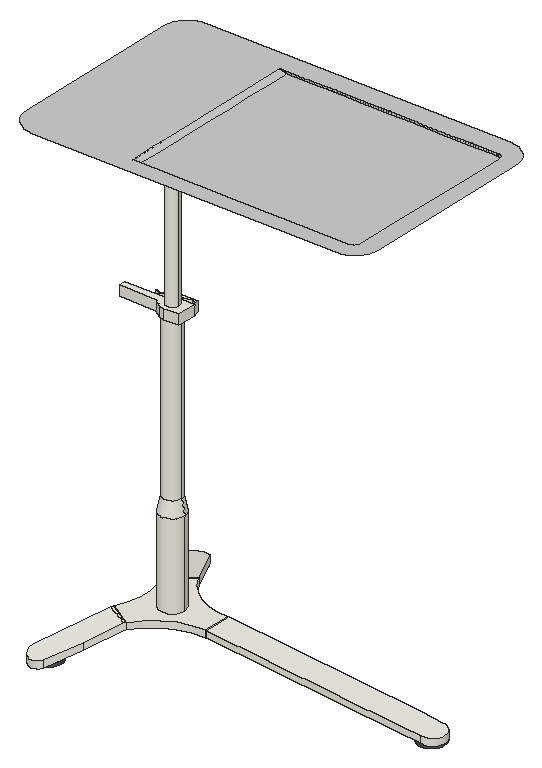
Revit family "Haworth_SpaceEnabler_Maria_Table_AP_PRELIMINARY", category Furniture, Revit 2018
Family settings
  OmniClass Number = 23.40.20.00
  OmniClass Title = General Furniture and Specialties
  Work Plane-Based = No
  Always vertical = Yes
  Cut with Voids When Loaded = No
  Shared = No
  Room Calculation Point = No
Parameters (values of type "Metal Top")
  Wood Top = no
  Wood Finish [instance] = Haworth _ Wood _ Undecided
  Warranty = "http://www.haworth.com/resources/product-info/warranties"
  Version = "1"  # constant formula
  URL - Product = "https://www.haworth.com/ap/en/products/office-desks/space-enabler.html"
  URL = "https://www.haworth.com/ap/en.html"
  Size = "Verify Final Dim. w/ Haworth"  # constant formula
  Model = "SYSEMA"  # constant formula
  Min. Height = 600 mm  # constant formula
  Metal Top = not(Wood Top)  # yes
  Metal Finish [instance] = Haworth _ Paint _ Putty
  Max. Height = 800 mm  # constant formula
  Manufacturer = "Haworth"  # constant formula
  Height = 800 mm
  Glide Finish = Haworth _ Paint _ Collection Black
  Description = "Haworth - Space Enabler - Maria - Table"  # constant formula
  Base Finish = Haworth _ Paint _ Collection White
  Author = "Haworth (Abd Rahman)"  # constant formula
  Assembly Code = "E2020200"
  Actual Width = 590 mm  # constant formula
  Actual Height = if(Height > Max. Height, Max. Height, if(Height < Min. Height, Min. Height, Height))  # 800 mm
  Actual Depth = 370 mm  # constant formula
Types (3, lengths in mm): name | Wood Top | Metal Top
  (no name) | no | yes
  Metal Top | no | yes
  Wood Top | yes | no
Reference planes
  plane 1: z = 0
  plane 2 "Table top": z = 800
  plane 3 "Angle 1": through (-177.063, 90.416, 1219.2) normal (-0.8736, -0.4866, 0)
  plane 4 "Angle 2": through (-247.569, -142.287, 1219.2) normal (-0.8489, 0.5285, 0)
  plane 5: z = 501
  plane 6: z = 710.7
  plane 7: z = 783.901
  plane 8: x = -272.265
  plane 9: x = 317.735
  plane 10: z = 710.7
  plane 11: y = 221.516
  plane 12: y = -148.484
  plane 13: y = 36.516
  plane 14: x = 22.735
Forms (mm)
  Revolve 1, solid, material "Haworth _ Paint _ Collection White" <- "Base Finish"
    sketch origin (0, 27.5, 0) x (1, 0, 0) y (0, 0, 1)
      loop
        line (-135, 484.57) -> (-135, 48.343) -> (-115, 48.343) -> (-115.001, 190) -> (-120.001, 215) -> (-120.001, 484.57) -> (-135, 484.57)
      axis (-135, 484.57) -> (-135, 48.343)
    angle from 0 to 360
  Revolve 2, solid, material "Haworth _ Paint _ Collection White" <- "Base Finish"
    sketch origin (0, 28.125, 0) x (1, 0, 0) y (0, 0, 1)
      loop
        line (-135.238, 710.7) -> (-135.238, 501) -> (-124.958, 501) -> (-124.958, 710.7) -> (-135.238, 710.7)
      axis (-135.238, 710.7) -> (-135.238, 501)
    angle from 0 to 360
  Extrusion 3, solid, material "Haworth _ Paint _ Collection White" <- "Base Finish"
    sketch origin (0.312, 0, 0) x (1, 0, 0) y (0, 1, 0)
      loop
        line (-219.812, 33.602) -> (-219.812, 22.615) -> (-158.29, 21.359) -> (-144.477, 12.805) -> (-135, 10.109) -> (-110.768, 11.109) -> (-110.997, 43.651) -> (-135, 44.641) -> (-144.477, 43.412) -> (-158.29, 34.858) -> (-219.812, 33.602)
      loop
        line (-115.019, 54.29) -> (-140.475, 54.037) -> (-150.782, 50.016) -> (-166.105, 38.977) -> (-174.144, 42.544) -> (-174.469, 41.813) -> (-166.01, 38.06) -> (-150.224, 49.432) -> (-146.029, 45.237) -> (-135.314, 48.109) -> (-121.046, 50.109) -> (-112.812, 46.109) -> (-110.999, 43.984) -> (-115.019, 54.29)
    from 484.57 to 501
  Extrusion 4, solid, material "Haworth _ Paint _ Collection White" <- "Base Finish"
    sketch origin (-5.977, 0, 0) x (0, 1, 0) y (0, 0, 1)
      loop
        line (6.49, 744.172) -> (16.203, 725.892) -> (19.216, 710.7) -> (37.656, 710.7) -> (40.454, 728.036) -> (50.983, 746.935)
        arc (50.983, 746.935) -> (26.591, 780.094) -> (6.49, 744.172) r 24.482
    from -133.023 to -125.023
  Extrusion 5, solid, material "Haworth _ Paint _ Collection White" <- "Base Finish"
    sketch origin (-5.977, 0, 0) x (0, 1, 0) y (0, 0, 1)
      loop
        line (55.501, 783.901) -> (-1.176, 783.901) -> (6.009, 752.778)
        arc (6.009, 752.778) -> (28.011, 730.776) -> (50.013, 752.778) r 22.002
        line (50.013, 752.778) -> (55.501, 783.901)
    from -147.023 to -133.023
  Sweep 6, solid, material "Haworth _ Paint _ Collection White" <- "Base Finish"
    path origin (0, 0, 0) x (1, 0, 0) y (0, 0, 1)
      loop
        line (334.924, 1.709) -> (-59.999, 37.388) -> (-60.877, 37.388)
    profile origin (137.463, 0, 19.549) x (-0.089979, 0, -0.995944) y (0, -1, 0)
      loop
        line (-10.918, -5.173) -> (-10.901, -50.557) -> (0.009, -50.557) -> (-0.008, -5.173) -> (-10.918, -5.173)
  Sweep 7, solid, material "Haworth _ Paint _ Collection White" <- "Base Finish"
    path origin (-96.668, -53.916, 0) x (0.486611, -0.873619, 0) y (0, 0, 1)
      loop
        line (-166.055, 37.388) -> (-310.481, -3.122)
    profile origin (-212.612, 154.239, 17.133) x (0.131418, -0.235936, -0.962841) y (-0.873619, -0.486611, 0)
      loop
        line (-0.74, 20.027) -> (-11.287, 20.027) -> (-11.318, -27.292) -> (-0.77, -27.292) -> (-0.74, 20.027)
  Sweep 8, solid, material "Haworth _ Paint _ Collection White" <- "Base Finish"
    path origin (-117.607, 69.914, 0) x (-0.515038, -0.857167, 0) y (0, 0, 1)
      loop
        line (244.87, -2.863) -> (118.745, 37.388) -> (117.313, 37.388)
    profile origin (-178.396, -31.257, 37.388) x (0, 0, -1) y (-0.857167, 0.515038, 0)
      loop
        line (-10.954, -27) -> (0, -27) -> (0, 20.321) -> (-10.954, 20.321) -> (-10.954, -27)
  Extrusion 9, solid, material "Haworth _ Paint _ Collection White" <- "Base Finish"
    sketch origin (0, 0, 0) x (1, 0, 0) y (0, 1, 0)
      loop
        arc (-196.456, 84.068) -> (-182.225, 32.085) -> (-195.485, -20.153) r 105.652
        line (-195.485, -20.153) -> (-154.858, -44.564)
        arc (-154.858, -44.564) -> (-114.453, -7.246) -> (-60.877, 5.201) r 107.498
        line (-60.877, 5.201) -> (-60.877, 50.527)
        arc (-60.877, 50.527) -> (-116.361, 64.75) -> (-154.78, 107.233) r 99.379
        line (-154.78, 107.233) -> (-196.456, 84.068)
    from 37.388 to 48.343
  Extrusion 10, void
    sketch origin (0, 0, 0) x (1, 0, 0) y (0, 1, 0)
      loop
        arc (-256.077, 185.359) -> (-247.911, 215.393) -> (-217.539, 208.593) r 22.523
        line (-217.539, 208.593) -> (-155.117, 107.103) -> (-138.082, 117.581) -> (-221.961, 241.937) -> (-272.743, 216.062) -> (-256.077, 185.359)
    from -9.894 to 59.781
  Extrusion 11, void
    sketch origin (0, 0, 0) x (1, 0, 0) y (0, 1, 0)
      loop
        arc (296.811, 50.557) -> (319.503, 27.865) -> (296.811, 5.173) r 22.692
        line (296.811, 5.173) -> (261.811, 5.173) -> (261.811, -9.827) -> (351.811, -9.827) -> (351.811, 70.173) -> (261.811, 70.173) -> (261.811, 50.557) -> (296.811, 50.557)
    from 0 to 28.093
  Extrusion 12, void
    sketch origin (0, 0, 0) x (1, 0, 0) y (0, 1, 0)
      loop
        line (-251.425, -111.278) -> (-222.674, -65.102) -> (-235.407, -57.173) -> (-293.236, -142.351) -> (-211.252, -198.011) -> (-146.729, -112.386) -> (-182.092, -90.368) -> (-215.443, -140.417)
        arc (-215.443, -140.417) -> (-244.14, -139.067) -> (-251.425, -111.278) r 24.258
    from -17.936 to 48.343
  Extrusion 13, solid, material "Haworth _ Paint _ Collection White" <- "Base Finish"
    sketch origin (-5.977, 0, 0) x (0, 1, 0) y (0, 0, 1)
      loop
        circle (27.792, 755.504) r 12.504
    from -133.023 to -125.023
  Extrusion 14, solid, material "Haworth _ Paint _ Collection Black" <- "Glide Finish"
    sketch origin (3.75, 6.25, 0) x (1, 0, 0) y (0, 1, 0)
      loop
        circle (-230.135, -121.49) r 21
      loop
        circle (293.415, 21.545) r 22
      loop
        circle (-237.139, 188.753) r 19
    from 0 to 4.638
Cuts and joins
  joined: Revolve 1, Revolve 2
  Extrusion 10 cuts Sweep 7
  Extrusion 11 cuts Sweep 6
  Extrusion 12 cuts Sweep 8
Lines and regions (mm)
  symbolic lines, style "FurnitureHiddenLines"
    curve 1: line (-224.976, 212.556, 0) -> (-152.98, 103.629, 0)
    curve 2: arc (-60.21, 50.557, 0) -> (-114.337, 63.56, 0) -> (-152.98, 103.629, 0) r 99.379
    curve 3: line (294.058, 50.557, 0) -> (-60.21, 50.557, 0)
    curve 4: line (-60.042, 5.173, 0) -> (294.058, 5.173, 0)
    curve 5: arc (294.058, 50.557, 0) -> (316.75, 27.865, 0) -> (294.058, 5.173, 0) r 22.692
    curve 6: arc (-155.749, -45.989, 0) -> (-114.826, -7.444, 0) -> (-60.042, 5.173, 0) r 107.498
    curve 7: line (-185.37, -95.286, 0) -> (-155.749, -45.989, 0)
    curve 8: line (-189.844, -11.055, 0) -> (-249.516, -110.366, 0)
    curve 9: arc (-216.38, -139.572, 0) -> (-245.117, -138.775, 0) -> (-249.516, -110.366, 0) r 22.454
    curve 10: line (-185.37, -95.286, 0) -> (-216.38, -139.572, 0)
    curve 11: arc (-195.606, 83.864, 0) -> (-181.504, 37.086, 0) -> (-189.844, -11.055, 0) r 106.167
    curve 12: line (-256.621, 197.494, 0) -> (-195.606, 83.864, 0)
    curve 13: arc (-256.621, 197.494, 0) -> (-244.681, 213.184, 0) -> (-224.976, 212.556, 0) r 21.509
Dimensions and locks
  "Actual Height": plane 2 "Table top" to plane 1
  plane 2 "Table top" to level = 800 mm
  locked: plane 2 "Table top" to plane 7 at 16.099
  locked: plane 7 to plane 6 at 73.201
  locked: plane 5 to plane 1 at 501
  equal spacing: plane 12, plane 13, plane 11
  "Actual Depth": plane 12 to plane 11
  "Actual Width": plane 8 to plane 9
  equal spacing: plane 8, plane 14, plane 9
  aligned and locked: level to plane 1
  aligned and locked: plane 5 to cut or joined group of Revolve 1, Revolve 2
  aligned and locked: plane 6 to cut or joined group of Revolve 1, Revolve 2
  aligned and locked: Extrusion 4 to plane 6
  aligned and locked: Extrusion 4 to Extrusion 13
  aligned and locked: plane 14 to nested 1
  aligned and locked: plane 13 to nested 1
  aligned and locked: plane 2 "Table top" to nested 1
  aligned and locked: plane 14 to nested 2
  aligned and locked: nested 2 to plane 13
  aligned and locked: plane 2 "Table top" to nested 2
Automatic sketch dimensions
  level to Revolve 1 sketch curve = 48.343 mm
  Revolve 1 sketch curve to Revolve 1 sketch curve = 5 mm
  Revolve 1 sketch curve to Revolve 1 sketch curve = 20 mm
  Revolve 1 sketch curve to Revolve 1 sketch curve = 141.657 mm
  Revolve 1 sketch curve to Revolve 1 sketch curve = 25 mm
  Revolve 1 sketch curve to Revolve 1 sketch curve = 269.57 mm
  Revolve 1 sketch curve to Revolve 1 sketch curve = 0 mm  (x3)
  Revolve 2 sketch curve to Revolve 2 sketch curve = 10.279 mm
  Revolve 2 sketch curve to plane 2 "Table top" = 299 mm
  Revolve 2 sketch curve to plane 2 "Table top" = 89.3 mm
  Revolve 2 sketch curve to Revolve 2 sketch curve = 0 mm  (x3)
  Extrusion 3 sketch curve to Extrusion 3 sketch curve = 45.344 mm
  Extrusion 3 sketch curve to Extrusion 3 sketch curve = 0.324 mm
  Extrusion 3 sketch curve to Extrusion 3 sketch curve = 7.72 mm  (x2)
  Extrusion 3 sketch curve to Extrusion 3 sketch curve = 7.509 mm
  Extrusion 3 sketch curve to Extrusion 3 sketch curve = 0.558 mm
  Extrusion 3 sketch curve to Extrusion 3 sketch curve = 4.195 mm  (x2)
  Extrusion 3 sketch curve to Extrusion 3 sketch curve = 13.814 mm
  Extrusion 3 sketch curve to Extrusion 3 sketch curve = 1.553 mm
  Extrusion 3 sketch curve to Extrusion 3 sketch curve = 5.555 mm
  Extrusion 3 sketch curve to Extrusion 3 sketch curve = 5.161 mm
  Extrusion 3 sketch curve to Extrusion 3 sketch curve = 0.314 mm
  Extrusion 3 sketch curve to Extrusion 3 sketch curve = 9.477 mm
  Extrusion 3 sketch curve to Extrusion 3 sketch curve = 14.268 mm
  Extrusion 3 sketch curve to Extrusion 3 sketch curve = 6.026 mm
  Extrusion 3 sketch curve to Extrusion 3 sketch curve = 2.207 mm
  Extrusion 3 sketch curve to Extrusion 3 sketch curve = 1.813 mm
  Extrusion 3 sketch curve to Extrusion 3 sketch curve = 0.002 mm
  Extrusion 3 sketch curve to Extrusion 3 sketch curve = 24.232 mm
  Extrusion 5 sketch curve to plane 2 "Table top" = 16.099 mm
  Extrusion 5 sketch curve to Extrusion 5 sketch curve = 31.123 mm
  Sweep 7 sketch curve to level = 3.122 mm
  level to Sweep 7 sketch curve = 37.388 mm
  Sweep 7 sketch curve to Sweep 7 sketch curve = 144.426 mm
  profile plane to Sweep 7 sketch curve = 11.287 mm
  plane 3 "Angle 1" to Sweep 7 sketch curve = 20.027 mm
  profile plane to Sweep 7 sketch curve = 11.318 mm
  profile plane to Sweep 7 sketch curve = 0.74 mm
  Sweep 7 sketch curve to plane 3 "Angle 1" = 27.292 mm
  profile plane to Sweep 7 sketch curve = 0.77 mm
  Extrusion 9 sketch curve to Extrusion 9 sketch curve = 91.416 mm
  Extrusion 9 sketch curve to Extrusion 9 sketch curve = 41.676 mm
  Extrusion 9 sketch curve to Extrusion 9 sketch curve = 23.165 mm
  profile plane to Sweep 6 sketch curve = 10.901 mm
  Sweep 6 sketch curve to profile plane = 50.557 mm
  Sweep 6 sketch curve to profile plane = 5.173 mm
  profile plane to Sweep 6 sketch curve = 10.918 mm
  Sweep 6 sketch curve to profile plane = 0.009 mm
  profile plane to Sweep 6 sketch curve = 0.008 mm
  Extrusion 10 sketch curve to Extrusion 10 sketch curve = 14.322 mm
  Extrusion 10 sketch curve to Extrusion 10 sketch curve = 18.743 mm
  Extrusion 10 sketch curve to Extrusion 10 sketch curve = 62.422 mm
  Extrusion 10 sketch curve to Extrusion 10 sketch curve = 16.666 mm
  Extrusion 11 sketch curve to Extrusion 11 sketch curve = 0 mm
  Extrusion 11 sketch curve to Extrusion 11 sketch curve = 35 mm
  Extrusion 11 sketch curve to Extrusion 11 sketch curve = 55 mm
  Extrusion 11 sketch curve to Extrusion 11 sketch curve = 15 mm
  level to Sweep 6 sketch curve = 1.709 mm
  Sweep 6 sketch curve to Sweep 6 sketch curve = 0.879 mm
  level to Sweep 6 sketch curve = 37.388 mm
  level to Sweep 8 sketch curve = 37.388 mm
  Sweep 8 sketch curve to Sweep 8 sketch curve = 1.432 mm
  Sweep 8 sketch curve to level = 2.863 mm
  Sweep 8 sketch curve to Sweep 8 sketch curve = 126.125 mm
  profile plane to Sweep 8 sketch curve = 0 mm
  profile plane to Sweep 8 sketch curve = 10.954 mm
  Sweep 8 sketch curve to profile plane = 27 mm
  profile plane to Sweep 8 sketch curve = 20.321 mm
  Extrusion 9 sketch curve to Extrusion 9 sketch curve = 40.626 mm
  Extrusion 12 sketch curve to Extrusion 12 sketch curve = 41.811 mm
  Extrusion 12 sketch curve to Extrusion 12 sketch curve = 16.017 mm
  Extrusion 12 sketch curve to Extrusion 12 sketch curve = 22.552 mm
  Extrusion 12 sketch curve to Extrusion 12 sketch curve = 12.734 mm
  Extrusion 12 sketch curve to Extrusion 12 sketch curve = 13.43 mm
  Extrusion 12 sketch curve to Extrusion 12 sketch curve = 40.581 mm
  Extrusion 12 sketch curve to Extrusion 12 sketch curve = 35.363 mm
  Extrusion 4 sketch curve to plane 6 = 0 mm
  plane 6 to Extrusion 4 sketch curve = 15.192 mm
  plane 6 to Extrusion 4 sketch curve = 17.336 mm
  Extrusion 4 sketch curve to Extrusion 4 sketch curve = 18.28 mm
  Extrusion 4 sketch curve to Extrusion 4 sketch curve = 18.899 mm
  Extrusion 13 sketch curve to plane 7 = 28.397 mm
  Extrusion 14 sketch curve to plane 8 = 38.876 mm
  Extrusion 14 sketch curve to plane 8 = 45.88 mm
  plane 9 to Extrusion 14 sketch curve = 20.57 mm
  plane 8 to curve 11 = 15.21 mm
  curve 8 to plane 8 = 22.749 mm
  curve 12 to plane 8 = 15.644 mm
  curve 9 to curve 9 = 19.247 mm
  curve 12 to curve 13 = 21.183 mm
  curve 9 to curve 10 = 13.89 mm
  curve 13 to curve 1 = 10.462 mm
  curve 8 to plane 8 = 82.421 mm
  curve 12 to plane 8 = 76.659 mm
  curve 10 to curve 7 = 31.01 mm
  curve 8 to curve 7 = 34.096 mm
  curve 12 to curve 1 = 42.626 mm
  curve 3 to curve 4 = 0.168 mm
  plane 9 to curve 5 = 23.677 mm
  curve 10 to curve 9 = 17.642 mm
  curve 10 to curve 7 = 44.286 mm
  curve 7 to curve 8 = 34.934 mm
  curve 10 to curve 7 = 49.297 mm
  curve 6 to curve 6 = 56.258 mm
  Extrusion 9 sketch curve to Extrusion 9 sketch curve = 89.791 mm
  Extrusion 12 sketch curve to Extrusion 12 sketch curve = 4.191 mm
  Extrusion 12 sketch curve to Extrusion 12 sketch curve = 7.928 mm
  Extrusion 12 sketch curve to Extrusion 12 sketch curve = 25.267 mm
  Extrusion 12 sketch curve to Extrusion 12 sketch curve = 46.176 mm
  Extrusion 12 sketch curve to Extrusion 12 sketch curve = 22.018 mm
  Extrusion 12 sketch curve to Extrusion 12 sketch curve = 8.938 mm
  Extrusion 12 sketch curve to Extrusion 12 sketch curve = 31.073 mm
  curve 11 to curve 12 = 113.63 mm
  curve 13 to curve 13 = 3.733 mm
  Extrusion 10 sketch curve to plane 8 = 16.188 mm
  Extrusion 10 sketch curve to Extrusion 10 sketch curve = 17.036 mm
  Extrusion 10 sketch curve to Extrusion 10 sketch curve = 23.234 mm
  Extrusion 10 sketch curve to Extrusion 10 sketch curve = 30.702 mm
  Extrusion 10 sketch curve to Extrusion 10 sketch curve = 33.343 mm
  curve 10 to plane 4 "Angle 2" = 25.041 mm
  curve 5 to curve 5 = 22.692 mm
  curve 11 to curve 11 = 41.708 mm
  curve 12 to curve 1 = 19.765 mm
  Extrusion 3 sketch curve to Extrusion 3 sketch curve = 8.039 mm
  Extrusion 3 sketch curve to Extrusion 3 sketch curve = 0.095 mm
  plane 3 "Angle 1" to Extrusion 3 sketch curve = 2.059 mm
  Extrusion 3 sketch curve to Extrusion 3 sketch curve = 1 mm
  Extrusion 3 sketch curve to Extrusion 3 sketch curve = 2.697 mm
  Extrusion 3 sketch curve to Extrusion 3 sketch curve = 8.554 mm  (x2)
  Extrusion 3 sketch curve to Extrusion 3 sketch curve = 1.255 mm
  Extrusion 3 sketch curve to Extrusion 3 sketch curve = 10.987 mm
  Extrusion 3 sketch curve to Extrusion 3 sketch curve = 13.498 mm
  Extrusion 3 sketch curve to Extrusion 3 sketch curve = 3.202 mm
  Extrusion 3 sketch curve to Extrusion 3 sketch curve = 0.917 mm
  Extrusion 3 sketch curve to Extrusion 3 sketch curve = 32.542 mm
  Extrusion 3 sketch curve to Extrusion 3 sketch curve = 0.334 mm
  Extrusion 3 sketch curve to Extrusion 3 sketch curve = 1.23 mm
  Extrusion 3 sketch curve to Extrusion 3 sketch curve = 1.825 mm
  Extrusion 3 sketch curve to Extrusion 3 sketch curve = 2.124 mm
  Extrusion 3 sketch curve to Extrusion 3 sketch curve = 3.467 mm
  Extrusion 3 sketch curve to Extrusion 3 sketch curve = 0.584 mm
  Extrusion 3 sketch curve to Extrusion 3 sketch curve = 4 mm
  Extrusion 3 sketch curve to Extrusion 3 sketch curve = 5.928 mm
  Extrusion 3 sketch curve to Extrusion 3 sketch curve = 4.181 mm
  Extrusion 4 sketch curve to Extrusion 4 sketch curve = 9.713 mm
  Extrusion 4 sketch curve to Extrusion 4 sketch curve = 3.013 mm
  Extrusion 4 sketch curve to Extrusion 4 sketch curve = 21.619 mm
  Extrusion 4 sketch curve to Extrusion 4 sketch curve = 18.44 mm
  Extrusion 4 sketch curve to Extrusion 4 sketch curve = 2.798 mm
  Extrusion 4 sketch curve to Extrusion 4 sketch curve = 10.529 mm
  Extrusion 5 sketch curve to Extrusion 5 sketch curve = 7.185 mm
  Extrusion 5 sketch curve to Extrusion 5 sketch curve = 22.002 mm
  Extrusion 5 sketch curve to Extrusion 5 sketch curve = 5.488 mm
  Extrusion 9 sketch curve to plane 8 = 76.781 mm
  Extrusion 9 sketch curve to plane 3 "Angle 1" = 4.893 mm
  Extrusion 9 sketch curve to Extrusion 9 sketch curve = 57.683 mm
  Extrusion 9 sketch curve to Extrusion 9 sketch curve = 24.411 mm
  Extrusion 9 sketch curve to Extrusion 9 sketch curve = 51.254 mm
  Extrusion 9 sketch curve to Extrusion 9 sketch curve = 45.326 mm
  Extrusion 10 sketch curve to plane 3 "Angle 1" = 27.292 mm
  Extrusion 10 sketch curve to Extrusion 10 sketch curve = 10.478 mm
  Extrusion 11 sketch curve to plane 3 "Angle 1" = 413.254 mm
  Extrusion 11 sketch curve to Extrusion 11 sketch curve = 22.692 mm
  Extrusion 11 sketch curve to Extrusion 11 sketch curve = 19.616 mm
  Extrusion 12 sketch curve to plane 4 "Angle 2" = 60.282 mm
  Extrusion 14 sketch curve to plane 4 "Angle 2" = 3.687 mm
  Extrusion 14 sketch curve to Extrusion 14 sketch curve = 143.035 mm
  Extrusion 14 sketch curve to Extrusion 14 sketch curve = 310.243 mm
  plane 11 to curve 2 = 71.695 mm
  curve 2 to curve 2 = 87.991 mm
  curve 6 to curve 6 = 91.602 mm
  Revolve 1 sketch curve to plane 8 = 137.265 mm
  Revolve 1 sketch curve to plane 8 = 152.264 mm
  Revolve 2 sketch curve to plane 8 = 137.028 mm
  plane 13 to Extrusion 3 sketch curve = 13.901 mm
  Sweep 6 sketch curve to plane 8 = 212.267 mm
  Sweep 6 sketch curve to plane 9 = 17.19 mm
  Extrusion 9 sketch curve to plane 13 = 47.552 mm
  Extrusion 9 sketch curve to plane 8 = 75.809 mm
  plane 13 to Extrusion 9 sketch curve = 31.314 mm
  Extrusion 10 sketch curve to Extrusion 10 sketch curve = 19.795 mm
  plane 13 to Extrusion 11 sketch curve = 46.343 mm
  Extrusion 12 sketch curve to plane 12 = 6.133 mm
  radius of Extrusion 13 sketch curve = 12.504 mm
  radius of Extrusion 14 sketch curve = 21 mm
  radius of Extrusion 14 sketch curve = 22 mm
  radius of Extrusion 14 sketch curve = 19 mm
Nested families
  nested 1: "Haworth_Maria_TableTop_Metal_PART" at (-0.563, 4.766, 0), Table Finish <- "Metal Finish", visible <- "Metal Top", type "Metal Top - PART"
    with Table Finish Haworth _ Paint _ Putty
  nested 2: "Haworth_Maria_TableTop_Wood_PART" at (0, 19.766, 0), visible <- "Wood Top", Table Finish <- "Wood Finish", type "Wood Top - PART"
    with Table Finish Haworth _ Wood _ Undecided
Definition of nested family "Haworth_Maria_TableTop_Metal_PART"
  Parameters (values of type "Metal Top - PART")
    Warranty = "http://www.haworth.com/resources/product-info/warranties"
    Version = "1"  # constant formula
    URL - Product = "https://www.haworth.com/ap/en/products/office-desks/space-enabler.html"
    URL = "https://www.haworth.com/ap/en.html"
    Table Finish [instance] = none
    Size = "Verify Final Dim. w/ Haworth"  # constant formula
    Model = "Maria Table"  # constant formula
    Manufacturer = "Haworth"  # constant formula
    Description = "Haworth - Maria Table - Metal Top - PART"  # constant formula
    Base Finish = none
    Author = "Haworth (Abd Rahman)"  # constant formula
    Assembly Code = "E2020200"
    Actual Width = 590 mm  # constant formula
    Actual Height = 800 mm  # constant formula
    Actual Depth = 370 mm  # constant formula
  Reference planes
    plane 1: z = 0
    plane 2 "Table top": z = 800
    plane 3: y = -153.25
    plane 4: y = 31.75
    plane 5: z = 783.89
    plane 6: y = 216.75
    plane 7: x = -271.703
    plane 8: x = 318.297
    plane 9: x = 23.297
  Forms (mm)
    Blend 1, solid, material <- "Table Finish"
      base sketch origin (0, 0, 0) x (1, 0, 0) y (0, 1, 0)
        loop
          arc (-231.703, 201.75) -> (-249.38, 194.428) -> (-256.703, 176.75) r 25
          line (-256.703, 176.75) -> (-256.703, -108.25)
          arc (-256.703, -108.25) -> (-247.916, -129.463) -> (-226.703, -138.25) r 30
          line (-226.703, -138.25) -> (278.297, -138.25)
          arc (278.297, -138.25) -> (295.975, -130.928) -> (303.297, -113.25) r 25
          line (303.297, -113.25) -> (303.297, 171.75)
          arc (303.297, 171.75) -> (294.511, 192.963) -> (273.297, 201.75) r 30
          line (273.297, 201.75) -> (-231.703, 201.75)
      top sketch origin (0, 0, 0) x (1, 0, 0) y (0, 1, 0)
        loop
          arc (-231.703, 216.75) -> (-259.987, 205.034) -> (-271.703, 176.75) r 40
          line (-271.703, 176.75) -> (-271.703, -108.25)
          arc (-271.703, -108.25) -> (-258.522, -140.07) -> (-226.703, -153.25) r 45
          line (-226.703, -153.25) -> (278.297, -153.25)
          arc (278.297, -153.25) -> (306.582, -141.534) -> (318.297, -113.25) r 40
          line (318.297, -113.25) -> (318.297, 171.75)
          arc (318.297, 171.75) -> (305.117, 203.57) -> (273.297, 216.75) r 45
          line (273.297, 216.75) -> (-231.703, 216.75)
      from 796.081 to 800
    Blend 2, solid, material <- "Table Finish"
      base sketch origin (0, 0, 0) x (1, 0, 0) y (0, 1, 0)
        loop
          arc (-176.658, 87.769) -> (-180.193, 86.304) -> (-181.658, 82.769) r 5
          line (-181.658, 82.769) -> (-181.658, -25.549)
          arc (-181.658, -25.549) -> (-180.193, -29.085) -> (-176.658, -30.549) r 5
          line (-176.658, -30.549) -> (-43, -30.549)
          arc (-43, -30.549) -> (-35.929, -27.62) -> (-33, -20.549) r 10
          line (-33, -20.549) -> (-33, 77.769)
          arc (-33, 77.769) -> (-35.929, 84.84) -> (-43, 87.769) r 10
          line (-43, 87.769) -> (-176.658, 87.769)
      top sketch origin (0, 0, 0) x (1, 0, 0) y (0, 1, 0)
        loop
          line (-256.703, 176.546) -> (-256.703, -108.25)
          arc (-256.703, -108.25) -> (-247.916, -129.463) -> (-226.703, -138.25) r 30
          line (-226.703, -138.25) -> (278.297, -138.25)
          arc (278.297, -138.25) -> (295.975, -130.928) -> (303.297, -113.25) r 25
          line (303.297, -113.25) -> (303.297, 171.75)
          arc (303.297, 171.75) -> (294.511, 192.963) -> (273.297, 201.75) r 30
          line (273.297, 201.75) -> (-231.498, 201.75)
          arc (-231.498, 201.75) -> (-249.32, 194.368) -> (-256.703, 176.546) r 25.204
      from 783.89 to 796.081
    Blend 3, void
      base sketch origin (0, 0, 0) x (1, 0, 0) y (0, 1, 0)
        loop
          line (-71.083, 182.221) -> (-71.083, -126.001) -> (280.296, -126.001)
          arc (280.296, -126.001) -> (287.367, -123.072) -> (290.296, -116.001) r 10
          line (290.296, -116.001) -> (290.296, 172.221)
          arc (290.296, 172.221) -> (287.367, 179.292) -> (280.296, 182.221) r 10
          line (280.296, 182.221) -> (-71.083, 182.221)
      top sketch origin (0, 0, 0) x (1, 0, 0) y (0, 1, 0)
        loop
          line (-93.423, -125.905) -> (277.722, -127.495)
          arc (277.722, -127.495) -> (286.571, -123.877) -> (290.275, -115.062) r 12.5
          line (290.275, -115.062) -> (291.812, 171.231)
          arc (291.812, 171.231) -> (288.166, 180.106) -> (279.295, 183.76) r 12.462
          line (279.295, 183.76) -> (-93.423, 182.122) -> (-93.423, -125.905)
      from 796.761 to 803.283
    Extrusion 4, solid, material <- "Base Finish"
      sketch origin (0, 0, 0) x (1, 0, 0) y (0, 0, 1)
        loop
          line (-153, 783.89) -> (-181.658, 783.89) -> (-208.805, 788.295) -> (-208.805, 783.739) -> (-190.722, 783.739) -> (-184.141, 782.459) -> (-153, 782.459) -> (-153, 783.89)
      from -56.423 to -1.75
    Extrusion 5, solid, material <- "Base Finish"
      sketch origin (-5.977, 0, 0) x (0, 1, 0) y (0, 0, 1)
        loop
          arc (49.586, 772.422) -> (55.242, 774.766) -> (57.586, 780.422) r 8
          line (57.586, 780.422) -> (57.586, 784.38) -> (1.471, 784.38) -> (1.471, 780.422)
          arc (1.471, 780.422) -> (3.814, 774.766) -> (9.471, 772.422) r 8
          line (9.471, 772.422) -> (49.586, 772.422)
      from -180.894 to -178.279
  Cuts and joins
    Blend 3 cuts Blend 1
  Lines and regions (mm)
    Masking region 1
      outline origin (0, 0, 0) x (1, 0, 0) y (0, 1, 0)
        loop
          arc (-271.703, -108.25) -> (-258.522, -140.07) -> (-226.703, -153.25) r 45
          line (-226.703, -153.25) -> (278.297, -153.25)
          arc (278.297, -153.25) -> (306.582, -141.534) -> (318.297, -113.25) r 40
          line (318.297, -113.25) -> (318.297, 171.75)
          arc (318.297, 171.75) -> (305.117, 203.57) -> (273.297, 216.75) r 45
          line (273.297, 216.75) -> (-231.703, 216.75)
          arc (-231.703, 216.75) -> (-259.987, 205.034) -> (-271.703, 176.75) r 40
          line (-271.703, 176.75) -> (-271.703, -108.25)
    symbolic lines
      curve 1: line (-176.658, 87.769, 0) -> (-43, 87.769, 0)
      curve 2: arc (-43, 87.769, 0) -> (-35.929, 84.84, 0) -> (-33, 77.769, 0) r 10
      curve 3: line (-33, 77.769, 0) -> (-33, -20.549, 0)
      curve 4: arc (-33, -20.549, 0) -> (-35.929, -27.62, 0) -> (-43, -30.549, 0) r 10
      curve 5: line (-43, -30.549, 0) -> (-176.658, -30.549, 0)
      curve 6: arc (-176.658, -30.549, 0) -> (-180.193, -29.085, 0) -> (-181.658, -25.549, 0) r 5
      curve 7: line (-181.658, -25.549, 0) -> (-181.658, 82.769, 0)
      curve 8: arc (-181.658, 82.769, 0) -> (-180.193, 86.304, 0) -> (-176.658, 87.769, 0) r 5
      curve 9: line (-82.179, 182.172, 0) -> (279.801, 182.985, 0)
      curve 10: arc (279.801, 182.985, 0) -> (287.765, 179.695, 0) -> (291.049, 171.728, 0) r 11.223
      curve 11: line (291.049, 171.728, 0) -> (290.286, -115.536, 0)
      curve 12: arc (290.286, -115.536, 0) -> (286.972, -123.471, 0) -> (279.019, -126.743, 0) r 11.242
      curve 13: line (279.019, -126.743, 0) -> (-82.179, -125.954, 0)
      curve 14: line (-82.179, -125.954, 0) -> (-82.179, 182.172, 0)
      curve 15: line (-71.083, 182.221, 0) -> (-71.083, -126.001, 0)
  Dimensions and locks
    "Actual Height": plane 2 "Table top" to plane 1
    plane 2 "Table top" to level = 800 mm
    equal spacing: plane 6, plane 4, plane 3
    "Actual Depth": plane 6 to plane 3
    "Actual Width": plane 7 to plane 8
    equal spacing: plane 7, plane 9, plane 8
    aligned and locked: level to plane 1
  Automatic sketch dimensions
    Blend 1 sketch curve to plane 3 = 15 mm
    Blend 1 sketch curve to Blend 1 sketch curve = 30 mm
    Blend 1 sketch curve to plane 3 = 40 mm
    Blend 1 sketch curve to Blend 1 sketch curve = 5 mm
    plane 3 to Blend 1 sketch curve = 0 mm
    Blend 1 sketch curve to plane 3 = 45 mm
    Blend 1 sketch curve to Blend 1 sketch curve = 40 mm  (x2)
    Blend 3 sketch curve to plane 3 = 27.249 mm
    Blend 3 sketch curve to Blend 3 sketch curve = 10 mm
    Blend 3 sketch curve to plane 3 = 27.345 mm
    Blend 3 sketch curve to Blend 3 sketch curve = 0.055 mm
    Blend 3 sketch curve to plane 3 = 25.755 mm
    Blend 3 sketch curve to Blend 3 sketch curve = 0.054 mm
    Blend 3 sketch curve to Blend 3 sketch curve = 12.517 mm
    Blend 3 sketch curve to plane 3 = 38.188 mm
    Blend 3 sketch curve to Blend 3 sketch curve = 12.5 mm
    Extrusion 4 sketch curve to plane 5 = 0 mm
    Extrusion 4 sketch curve to plane 5 = 4.405 mm
    plane 5 to Extrusion 4 sketch curve = 0.151 mm
    Extrusion 4 sketch curve to Extrusion 4 sketch curve = 18.083 mm
    plane 5 to Extrusion 4 sketch curve = 1.43 mm
    Extrusion 4 sketch curve to Extrusion 4 sketch curve = 6.581 mm
    Extrusion 4 sketch curve to Extrusion 4 sketch curve = 2.484 mm
    Extrusion 4 sketch curve to Extrusion 4 sketch curve = 28.658 mm
    Extrusion 5 sketch curve to plane 5 = 0.491 mm
    plane 5 to Extrusion 5 sketch curve = 3.467 mm  (x2)
    plane 4 to Extrusion 5 sketch curve = 30.279 mm
    Extrusion 5 sketch curve to Extrusion 5 sketch curve = 8 mm
    Extrusion 5 sketch curve to plane 4 = 17.836 mm
    Blend 2 sketch curve to plane 3 = 45 mm
    Blend 2 sketch curve to Blend 2 sketch curve = 25.204 mm
    Blend 2 sketch curve to Blend 2 sketch curve = 30 mm  (x2)
    Blend 2 sketch curve to plane 4 = 51.019 mm
    Blend 2 sketch curve to Blend 2 sketch curve = 5 mm  (x2)
    Blend 2 sketch curve to Blend 2 sketch curve = 10 mm
    plane 4 to Blend 2 sketch curve = 52.299 mm
    Blend 1 sketch curve to Blend 1 sketch curve = 25 mm
    Blend 1 sketch curve to plane 4 = 140 mm  (x2)
    Blend 2 sketch curve to plane 4 = 140 mm
    Blend 3 sketch curve to plane 4 = 140.471 mm
    Blend 3 sketch curve to plane 4 = 139.481 mm
    Blend 3 sketch curve to Blend 3 sketch curve = 0.067 mm
    Blend 3 sketch curve to plane 4 = 150.372 mm
    Blend 1 sketch curve to plane 7 = 15 mm
    plane 8 to Blend 1 sketch curve = 45 mm
    Blend 1 sketch curve to plane 7 = 0 mm
    Blend 1 sketch curve to plane 8 = 0 mm
    Blend 1 sketch curve to Blend 1 sketch curve = 45 mm
    Blend 2 sketch curve to plane 7 = 90.045 mm
    Blend 2 sketch curve to plane 4 = 46.019 mm
    Blend 2 sketch curve to Blend 2 sketch curve = 133.658 mm
    Blend 2 sketch curve to plane 7 = 15 mm
    plane 8 to Blend 2 sketch curve = 45 mm
    Blend 2 sketch curve to Blend 2 sketch curve = 25 mm
    Blend 3 sketch curve to plane 7 = 200.62 mm
    plane 8 to Blend 3 sketch curve = 38.002 mm  (x2)
    Blend 3 sketch curve to plane 7 = 178.279 mm  (x2)
    plane 8 to Blend 3 sketch curve = 40.576 mm
    plane 8 to Blend 3 sketch curve = 39.003 mm
    Extrusion 4 sketch curve to plane 7 = 62.897 mm
    Masking region 1 sketch curve to plane 7 = 0 mm
    plane 3 to Masking region 1 sketch curve = 0 mm
    Masking region 1 sketch curve to plane 3 = 45 mm
    Masking region 1 sketch curve to plane 6 = 40 mm
    Masking region 1 sketch curve to Masking region 1 sketch curve = 45 mm
    Masking region 1 sketch curve to plane 3 = 40 mm
    Masking region 1 sketch curve to plane 8 = 0 mm
    Masking region 1 sketch curve to plane 6 = 0 mm
    curve 7 to plane 7 = 90.045 mm
    curve 8 to curve 8 = 5 mm
    curve 6 to curve 6 = 5 mm
    curve 1 to plane 9 = 66.297 mm
    curve 4 to plane 9 = 66.297 mm
    curve 4 to curve 3 = 10 mm
    plane 4 to curve 5 = 62.299 mm
    curve 2 to plane 4 = 46.019 mm
    curve 9 to plane 6 = 34.578 mm
    curve 9 to curve 1 = 39.179 mm
    curve 13 to plane 3 = 27.296 mm
    curve 13 to curve 4 = 39.179 mm
    plane 8 to curve 13 = 39.278 mm
    curve 12 to curve 12 = 0.025 mm
    plane 8 to curve 9 = 38.497 mm
    curve 10 to curve 10 = 0.025 mm
    curve 12 to curve 11 = 11.242 mm
    curve 10 to curve 11 = 11.223 mm
    curve 13 to plane 3 = 26.507 mm
    curve 12 to curve 11 = 11.208 mm
    curve 11 to plane 6 = 45.022 mm
    curve 11 to curve 10 = 0.034 mm
Definition of nested family "Haworth_Maria_TableTop_Wood_PART"
  Parameters (values of type "Wood Top - PART")
    Warranty = "http://www.haworth.com/resources/product-info/warranties"
    Version = "1"  # constant formula
    URL - Product = "https://www.haworth.com/ap/en/products/office-desks/space-enabler.html"
    URL = "https://www.haworth.com/ap/en.html"
    Table Finish [instance] = none
    Size = "Verify Final Dim. w/ Haworth"  # constant formula
    Model = "Maria Table"  # constant formula
    Manufacturer = "Haworth"  # constant formula
    Description = "Haworth - Maria Table - Wood Top - PART"  # constant formula
    Base Finish = none
    Author = "Haworth (Abd Rahman)"  # constant formula
    Assembly Code = "E2020200"
    Actual Width = 590 mm  # constant formula
    Actual Height = 800 mm  # constant formula
    Actual Depth = 370 mm  # constant formula
  Reference planes
    plane 1: z = 0
    plane 2 "Table top": z = 800
    plane 3: y = 201.75
    plane 4: y = -168.25
    plane 5: z = 783.901
    plane 6: x = -272.265
    plane 7: x = 317.735
    plane 8: y = 16.75
    plane 9: x = 22.735
  Forms (mm)
    Extrusion 1, solid, material <- "Base Finish"
      sketch origin (0, 0, 0) x (1, 0, 0) y (0, 1, 0)
        loop
          arc (-213.086, 72.054) -> (-220.157, 69.125) -> (-223.086, 62.054) r 10
          line (-223.086, 62.054) -> (-223.086, -38.369)
          arc (-223.086, -38.369) -> (-219.988, -45.848) -> (-212.509, -48.946) r 10.577
          line (-212.509, -48.946) -> (-72.687, -48.946)
          arc (-72.687, -48.946) -> (-65.191, -45.841) -> (-62.086, -38.345) r 10.601
          line (-62.086, -38.345) -> (-62.086, 62.054)
          arc (-62.086, 62.054) -> (-65.015, 69.125) -> (-72.086, 72.054) r 10
          line (-72.086, 72.054) -> (-213.086, 72.054)
      from 783.901 to 784.939
    Blend 2, solid, material <- "Table Finish"
      base sketch origin (0, 0, 0) x (1, 0, 0) y (0, 1, 0)
        loop
          arc (-260.834, -132.769) -> (-253.296, -150.968) -> (-235.096, -158.507) r 25.738
          line (-235.096, -158.507) -> (279.125, -158.507)
          arc (279.125, -158.507) -> (297.298, -150.98) -> (304.825, -132.807) r 25.7
          line (304.825, -132.807) -> (304.825, 165.915)
          arc (304.825, 165.915) -> (297.17, 184.395) -> (278.69, 192.05) r 26.135
          line (278.69, 192.05) -> (-234.614, 192.05)
          arc (-234.614, 192.05) -> (-253.154, 184.37) -> (-260.834, 165.829) r 26.221
          line (-260.834, 165.829) -> (-260.834, -132.769)
      top sketch origin (0, 0, 0) x (1, 0, 0) y (0, 1, 0)
        loop
          line (278.235, 201.75) -> (-232.812, 201.75)
          arc (-232.812, 201.75) -> (-260.71, 190.195) -> (-272.265, 162.297) r 39.453
          line (-272.265, 162.297) -> (-272.265, -123.25)
          arc (-272.265, -123.25) -> (-259.085, -155.07) -> (-227.265, -168.25) r 45
          line (-227.265, -168.25) -> (278.235, -168.25)
          arc (278.235, -168.25) -> (306.165, -156.681) -> (317.735, -128.75) r 39.5
          line (317.735, -128.75) -> (317.735, 162.25)
          arc (317.735, 162.25) -> (306.165, 190.181) -> (278.235, 201.75) r 39.5
      from 784.939 to 796.467
    Extrusion 3, solid, material <- "Table Finish"
      sketch origin (0, 0, 0) x (1, 0, 0) y (0, 1, 0)
        loop
          line (278.235, 201.75) -> (-232.812, 201.75)
          arc (-232.812, 201.75) -> (-260.71, 190.195) -> (-272.265, 162.297) r 39.453
          line (-272.265, 162.297) -> (-272.265, -123.25)
          arc (-272.265, -123.25) -> (-259.085, -155.07) -> (-227.265, -168.25) r 45
          line (-227.265, -168.25) -> (278.235, -168.25)
          arc (278.235, -168.25) -> (306.165, -156.681) -> (317.735, -128.75) r 39.5
          line (317.735, -128.75) -> (317.735, 162.25)
          arc (317.735, 162.25) -> (306.165, 190.181) -> (278.235, 201.75) r 39.5
      from 796.467 to 800
  Lines and regions (mm)
    Masking region 1
      outline origin (0, 0, 0) x (1, 0, 0) y (0, 1, 0)
        loop
          line (-227.265, -168.25) -> (278.235, -168.25)
          arc (278.235, -168.25) -> (306.165, -156.681) -> (317.735, -128.75) r 39.5
          line (317.735, -128.75) -> (317.735, 162.25)
          arc (317.735, 162.25) -> (306.165, 190.181) -> (278.235, 201.75) r 39.5
          line (278.235, 201.75) -> (-232.812, 201.75)
          arc (-232.812, 201.75) -> (-260.71, 190.195) -> (-272.265, 162.297) r 39.453
          line (-272.265, 162.297) -> (-272.265, -123.25)
          arc (-272.265, -123.25) -> (-259.085, -155.07) -> (-227.265, -168.25) r 45
    symbolic lines
      curve 1: line (-234.614, 192.05, 0) -> (278.69, 192.05, 0)
      curve 2: arc (278.69, 192.05, 0) -> (297.17, 184.395, 0) -> (304.825, 165.915, 0) r 26.135
      curve 3: line (304.825, 165.915, 0) -> (304.825, -132.807, 0)
      curve 4: arc (304.825, -132.807, 0) -> (297.298, -150.98, 0) -> (279.125, -158.507, 0) r 25.7
      curve 5: line (279.125, -158.507, 0) -> (-235.096, -158.507, 0)
      curve 6: arc (-235.096, -158.507, 0) -> (-253.296, -150.968, 0) -> (-260.834, -132.769, 0) r 25.738
      curve 7: line (-260.834, -132.769, 0) -> (-260.834, 165.829, 0)
      curve 8: arc (-260.834, 165.829, 0) -> (-253.154, 184.37, 0) -> (-234.614, 192.05, 0) r 26.221
      curve 9: line (-62.086, -38.345, 0) -> (-62.086, 77.054, 0)
      curve 10: arc (-62.086, 77.054, 0) -> (-65.015, 84.125, 0) -> (-72.086, 87.054, 0) r 10
      curve 11: line (-72.086, 87.054, 0) -> (-213.086, 87.054, 0)
      curve 12: arc (-213.086, 87.054, 0) -> (-220.157, 84.125, 0) -> (-223.086, 77.054, 0) r 10
      curve 13: line (-223.086, 77.054, 0) -> (-223.086, -38.369, 0)
      curve 14: arc (-223.086, -38.369, 0) -> (-219.988, -45.848, 0) -> (-212.509, -48.946, 0) r 10.577
      curve 15: line (-212.509, -48.946, 0) -> (-72.687, -48.946, 0)
      curve 16: arc (-72.687, -48.946, 0) -> (-65.191, -45.841, 0) -> (-62.086, -38.345, 0) r 10.601
  Dimensions and locks
    "Actual Height": plane 2 "Table top" to plane 1
    plane 2 "Table top" to level = 800 mm
    locked: plane 2 "Table top" to plane 5 at 16.099
    "Actual Width": plane 6 to plane 7
    "Actual Depth": plane 4 to plane 3
    equal spacing: plane 4, plane 8, plane 3
    equal spacing: plane 6, plane 9, plane 7
    aligned and locked: level to plane 1
  Automatic sketch dimensions
    Masking region 1 sketch curve to plane 6 = 0 mm
    plane 4 to Masking region 1 sketch curve = 0 mm
    Masking region 1 sketch curve to plane 7 = 0 mm
    plane 3 to Masking region 1 sketch curve = 39.453 mm
    Masking region 1 sketch curve to plane 6 = 45 mm
    plane 7 to Masking region 1 sketch curve = 39.5 mm  (x2)
    Extrusion 1 sketch curve to plane 6 = 49.179 mm
    Extrusion 1 sketch curve to Extrusion 1 sketch curve = 10 mm  (x2)
    Extrusion 1 sketch curve to Extrusion 1 sketch curve = 10.577 mm
    Extrusion 1 sketch curve to Extrusion 1 sketch curve = 10.601 mm
    Blend 2 sketch curve to plane 6 = 11.431 mm
    Blend 2 sketch curve to Blend 2 sketch curve = 25.738 mm
    Blend 2 sketch curve to Blend 2 sketch curve = 26.221 mm
    plane 3 to Blend 2 sketch curve = 9.7 mm
    plane 7 to Blend 2 sketch curve = 39.045 mm
    Blend 2 sketch curve to plane 4 = 9.743 mm
    plane 7 to Blend 2 sketch curve = 38.609 mm
    plane 7 to Blend 2 sketch curve = 12.91 mm
    Extrusion 3 sketch curve to plane 6 = 0 mm
    plane 4 to Extrusion 3 sketch curve = 0 mm
    Extrusion 3 sketch curve to plane 7 = 0 mm
    plane 3 to Extrusion 3 sketch curve = 39.453 mm
    Extrusion 3 sketch curve to plane 4 = 45 mm
    plane 7 to Extrusion 3 sketch curve = 39.5 mm  (x2)
    Blend 2 sketch curve to plane 6 = 0 mm
    plane 4 to Blend 2 sketch curve = 0 mm
    Blend 2 sketch curve to plane 7 = 0 mm
    plane 3 to Blend 2 sketch curve = 39.453 mm
    Blend 2 sketch curve to plane 4 = 45 mm
    plane 7 to Blend 2 sketch curve = 39.5 mm  (x2)
    Masking region 1 sketch curve to Masking region 1 sketch curve = 39.453 mm
    Blend 2 sketch curve to Blend 2 sketch curve = 39.453 mm
    Extrusion 3 sketch curve to Extrusion 3 sketch curve = 39.453 mm
    curve 7 to plane 6 = 11.431 mm
    curve 5 to plane 4 = 9.743 mm
    curve 6 to curve 5 = 25.738 mm
    plane 3 to curve 1 = 9.7 mm
    curve 7 to curve 1 = 26.221 mm
    plane 7 to curve 1 = 39.045 mm
    plane 7 to curve 4 = 38.609 mm
    plane 7 to curve 3 = 12.91 mm
    curve 13 to plane 6 = 49.179 mm
    curve 12 to curve 12 = 10 mm
    curve 13 to curve 14 = 10.577 mm
    curve 16 to curve 9 = 10.601 mm
    curve 15 to plane 4 = 119.304 mm
    curve 13 to curve 8 = 88.776 mm
    Extrusion 1 sketch curve to plane 4 = 119.304 mm
    Extrusion 1 sketch curve to Extrusion 1 sketch curve = 100.423 mm
    curve 11 to curve 9 = 10 mm
    Extrusion 1 sketch curve to Extrusion 1 sketch curve = 139.822 mm
    curve 16 to plane 9 = 95.422 mm
